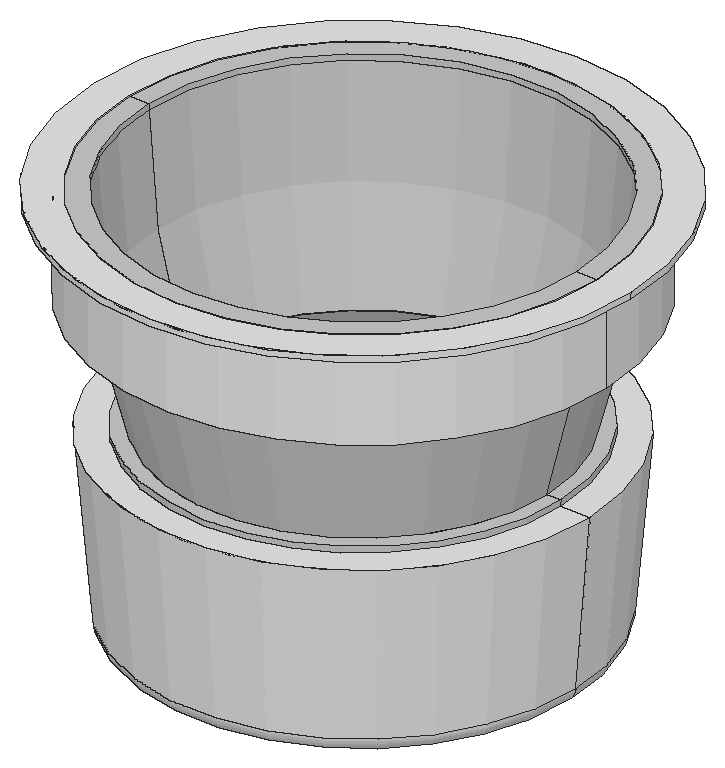
Revit family "2059355 Lighting Fixture_Sylvania_Ascent 150 II Round_Ceiling Recessed", category Lighting Fixtures, host Face, Revit 2017
Family settings
  Host = Face
  Round Connector Dimension = Use Diameter
  Part Type = Normal
  OmniClass Number = 23.80.70.11.17
  OmniClass Title = Specialized Lighting by Location or Use
  Cut with Voids When Loaded = No
  Light Source = Yes
  Shared = No
  Room Calculation Point = No
Parameters (values of type "ASCENT 150 II 1700 4k DALI EM")
  Upper Body Radius = Radius - 14.5 mm  # 80.0 mm
  Upper Body Material = Metal_Sylvania_Ascent 150 II_Black
  Ring Outer Diameter = Diameter - 17.0 mm  # 172.0 mm
  Ring Inner Diameter = Ring Outer Diameter - 4.0 mm  # 168.0 mm
  Reflector Material = Metal_Sylvania_Ascent 150 II_Polished
  Recessed Depth = 142.0 mm
  Radius = Diameter / 2  # 94.5 mm
  Light Emit  Diameter = Diameter - 38.0 mm  # 151.0 mm
  LOR = "100%"  # constant formula
  Inrush Current (max. quantity per 16A C breaker) = "80"  # constant formula
  Inner Reflector Radius = Inner Radius - 19.5 mm  # 63.0 mm
  Inner Radius = Inner Diameter / 2  # 82.5 mm
  Inner Diameter = Diameter - 24.0 mm  # 165.0 mm
  IP Rating = "IP44"  # constant formula
  IK Rating = "IK02"  # constant formula
  Glow Wire Test = 650 °C  # constant formula
  Energy Class = "A++,A+,A"  # constant formula
  Weight = 2.45 kg
  Wattage = 3.42276 W
  built-in parameter 1150110 = 1 (stored number, unit not read)
  Voltage Comments = "UNV (Universal Voltage; 220-240 Volt)"  # constant formula
  Voltage = 230 V  # constant formula
  URL = "https://www.sylvania-lighting.com"
  built-in parameter 1114217 = 1 (stored number, unit not read)
  Tilt Angle = -90°
  built-in parameter 1150109 = 1 (stored number, unit not read)
  built-in parameter 1150134 = 12
  built-in parameter 1150113 = 1 (stored number, unit not read)
  Product Page URL = "https://www.sylvania-lighting.com/product/en-int/products/2059355"
  Product Family = "ASCENT 150 II ROUND"  # constant formula
  Photometry Comments = ""
  Photometric Web File = "2059355_ASCENT150II17004kDALIEM-206371.ies"
  Life = "50 000 h"  # constant formula
  Emit from Circle Diameter = Light Emit  Diameter  # 151.0 mm
  Emit Shape Visible in Rendering = no
  Emergency duration (h) = "N/A"
  Electrical Protection = "Class II"  # constant formula
  Drive Current = "500mA"  # constant formula
  Distribution type = "Direct"  # constant formula
  Diffuser Material = Glass_Sylvania_Ascent 150 II_Clear_4000K
  Diameter = 189.0 mm
  Cutout Diameter = Diameter - 13.0 mm  # 176.0 mm
  Colour consistency (SDCM) = "3 step"  # constant formula
  built-in parameter 1114216 [instance] = 1 (stored number, unit not read)
  Model = "ASCENT 150 II 1700 4k DALI EM"
  Manufacturer = "Feilo Sylvania"
  built-in parameter 1150105 = 256.83 (stored number, unit not read)
  Lumens = 421 lm
  built-in parameter 1150115 = 1 (stored number, unit not read)
  built-in parameter 1150137 = (empty or 0)
  built-in parameter 1150139 = (empty or 0)
  built-in parameter 1150112 = 1 (stored number, unit not read)
  built-in parameter 1150114 = 1 (stored number, unit not read)
  Lamp Comments = "Integrated LED"  # constant formula
  Lamp = "LED"  # constant formula
  built-in parameter 1150132 = 2
  built-in parameter 1150102 = (empty or 0)
  built-in parameter 1150107 = 4000 (stored number, unit not read)
  built-in parameter 1150138 = (empty or 0)
  built-in parameter 1150106 = 2.5683 (stored number, unit not read)
  built-in parameter 1150104 = 11.427 (stored number, unit not read)
  Dimming Lamp Color Temperature Shift = <None>
  Description = "A very high efficient round downlight up to 127lm/W Long life >50,000hrs 4,000K and 3,000K CCT and CRI Ra85 IP44 rated for wet areas and bathrooms UGR <19 version for offices to comply with EN12464-1 Wide selection of decorative accessories"  # constant formula
  Default Elevation = 0.0 mm
  Color Filter = 16777215
  Catalog Number = "2059355 ASCENT 150 II 1700 4k DALI EM"
  built-in parameter 1140040 [instance] = 1
  CRI (Ra) = ">80"  # constant formula
  built-in parameter 1114218 = 1 (stored number, unit not read)
  built-in parameter 1150133 = 10 (stored number, unit not read)
  Assembly Code = "D5020200"
  Apparent Load Comments = ""
  Apparent Load = 14 VA
  Accessory Material = Aluminum_Sylvania_Ascent 150 II_White
Reference planes
  plane 1 "Center (Front/Back)": y = 0
  plane 2: z = 0
  plane 3 "Center (Left/Right)": x = 0
  plane 4: z = 2
  plane 5: z = -74
  plane 6 "Fixture Top": z = -140
  plane 7: z = -31
  plane 8: z = -72
  plane 9: z = -62.037
Forms (mm)
  Extrusion 1, solid, material "Aluminum_Sylvania_Ascent 150 II_White" <- "Accessory Material", detail levels fine
    sketch origin (0, 0, 0) x (1, 0, 0) y (0, 1, 0)
      loop
        circle (0, 0) r 94.5
      loop
        circle (0, 0) r 82.5
    from 0 to 2
  Extrusion 2, void
    sketch origin (0, 0, 0) x (1, 0, 0) y (0, 1, 0)
      loop
        circle (0, 0) r 88
    from -140 to 2
  Revolve 3, solid, material "Metal_Sylvania_Ascent 150 II_Polished" <- "Reflector Material", detail levels fine
    sketch origin (0, 0, 0) x (1, 0, 0) y (0, 0, 1)
      loop
        line (-82.5, 0) -> (-77.5, 0)
        arc (-77.5, 0) -> (-74.352, -36.539) -> (-65, -72) r 213.61
        line (-65, -72) -> (-70, -72) -> (-70, -74) -> (0, -74) -> (0, -72) -> (-63, -72)
        arc (-63, -72) -> (-72.352, -36.539) -> (-75.5, 0) r 213.61
        line (-75.5, 0) -> (-75.5, 2) -> (-82.5, 2) -> (-82.5, 0)
      axis (0, 2) -> (0, -74)
    angle from 0 to 360
  Extrusion 4, solid, material "Aluminum_Sylvania_Ascent 150 II_White" <- "Accessory Material", detail levels fine
    sketch origin (0, 0, 0) x (1, 0, 0) y (0, 1, 0)
      loop
        circle (0, 0) r 86
      loop
        circle (0, 0) r 84
    from -31 to 0
  Revolve 5, solid, material "Glass_Sylvania_Ascent 150 II_Clear_4000K" <- "Diffuser Material", detail levels fine
    sketch origin (0, 0, 0) x (1, 0, 0) y (0, 0, 1)
      loop
        line (-63, -72) -> (0, -72) -> (0, -62.037)
        arc (0, -62.037) -> (-31.891, -64.543) -> (-63, -72) r 204.163
      axis (0, -62.037) -> (0, -72)
    angle from 0 to 360
  Revolve 6, solid, material "Metal_Sylvania_Ascent 150 II_Black" <- "Upper Body Material", detail levels fine
    sketch origin (0, 0, 0) x (1, 0, 0) y (0, 0, 1)
      loop
        line (0, -74) -> (-80, -74) -> (-75.107, -129.929)
        arc (-75.107, -129.929) -> (-73.452, -133.536) -> (-69.924, -135.353) r 6.079
        arc (-69.924, -135.353) -> (-35.039, -138.837) -> (0, -140) r 528.435
        line (0, -140) -> (0, -74)
      axis (0, -74) -> (0, -140)
    angle from 0 to 360
  Revolve 7, solid, material "Aluminum_Sylvania_Ascent 150 II_White" <- "Accessory Material", detail levels coarse+medium
    sketch origin (0, 0, 0) x (1, 0, 0) y (0, 0, 1)
      loop
        arc (-69.924, -135.353) -> (-35.039, -138.837) -> (0, -140) r 528.435
        line (0, -140) -> (0, 2) -> (-94.5, 2) -> (-94.5, 0) -> (-86, 0) -> (-86, -31)
        arc (-86, -31) -> (-84.493, -52.708) -> (-80, -74) r 157.083
        line (-80, -74) -> (-75.107, -129.929)
        arc (-75.107, -129.929) -> (-73.452, -133.536) -> (-69.924, -135.353) r 6.079
      axis (0, 2) -> (0, -140)
    angle from 0 to 360
Cuts and joins
  joined: Extrusion 1, Extrusion 4
Lines and regions (mm)
  Masking region 1
    outline origin (0, 0, 0) x (1, 0, 0) y (0, 1, 0)
      loop
        circle (0, 0) r 94.5
  symbolic lines, detail levels fine
    curve 1: arc (-75.5, 0, 0) -> (0, 75.5, 0) -> (75.5, 0, 0) r 75.5
    curve 2: arc (75.5, 0, 0) -> (0, -75.5, 0) -> (-75.5, 0, 0) r 75.5
Dimensions and locks
  plane 4 to plane 2 to plane 7 to plane 9 to plane 8 to plane 5 = 2.0 mm locked, 31.0 mm locked, 31.037 mm locked, 9.963 mm locked, 2.0 mm locked
  "Inner Radius": plane 3 "Center (Left/Right)" to Revolve 3 sketch curve
  locked: Revolve 3 sketch curve to Revolve 3 sketch curve at 7
  Revolve 3 sketch curve to Revolve 3 sketch curve to Revolve 3 sketch curve to Revolve 3 sketch curve = 2.0 mm locked, 5.0 mm locked, 12.5 mm locked
  "Inner Reflector Radius": Revolve 5 sketch curve to imposter light
  Revolve 6 sketch curve to Revolve 6 sketch curve to plane 6 "Fixture Top" = 5.424 mm locked, 4.647 mm locked
  "Recessed Depth": plane 4 to plane 6 "Fixture Top"
  "Upper Body Radius": plane 3 "Center (Left/Right)" to Revolve 6 sketch curve
  Revolve 6 sketch curve to Revolve 6 sketch curve to Revolve 6 sketch curve = 4.893 mm locked, 5.183 mm locked
  Revolve 7 sketch curve to Revolve 7 sketch curve to plane 6 "Fixture Top" = 5.424 mm locked, 4.647 mm locked
  Revolve 7 sketch curve to Revolve 7 sketch curve to Revolve 7 sketch curve to Revolve 7 sketch curve to Revolve 7 sketch curve = 8.5 mm locked, 6.0 mm locked, 4.893 mm locked, 5.183 mm locked
  "Radius": plane 3 "Center (Left/Right)" to Revolve 7 sketch curve
  "Diameter": diameter of Extrusion 1 sketch curve
  "Inner Diameter": diameter of Extrusion 1 sketch curve
  "Cutout Diameter": diameter of Extrusion 2 sketch curve
  "Ring Outer Diameter": diameter of Extrusion 4 sketch curve
  "Ring Inner Diameter": diameter of Extrusion 4 sketch curve
  aligned and locked: plane 2 to host face
  aligned and locked: level to host face
  aligned and locked: imposter light to plane 3 "Center (Left/Right)"
  aligned and locked: imposter light to plane 1 "Center (Front/Back)"
  aligned and locked: Extrusion 1 to plane 2
  aligned and locked: plane 4 to Extrusion 1
  aligned and locked: imposter light to plane 4
  aligned and locked: imposter light to Revolve 3 sketch curve
  aligned and locked: Revolve 3 sketch curve to imposter light
  aligned and locked: Revolve 3 sketch curve to plane 2
  aligned and locked: Revolve 3 sketch curve to Revolve 3 sketch curve
  aligned and locked: plane 5 to Revolve 3 sketch curve
  aligned and locked: Extrusion 4 to plane 7
  aligned and locked: Revolve 3 sketch curve to plane 8
  aligned and locked: Revolve 5 sketch curve to plane 8
  aligned and locked: imposter light to Revolve 5 sketch curve  (x2)
  aligned and locked: imposter light to Revolve 6 sketch curve  (x2)
  aligned and locked: plane 5 to Revolve 6 sketch curve
  aligned and locked: plane 6 "Fixture Top" to Revolve 6 sketch curve
  aligned and locked: Revolve 7 sketch curve to plane 2
  aligned and locked: plane 4 to Revolve 7 sketch curve
  aligned and locked: plane 7 to Revolve 7 sketch curve
  aligned and locked: imposter light to Extrusion 2
  aligned and locked: Extrusion 2 to plane 6 "Fixture Top"
  aligned and locked: Masking region 1 sketch curve to Revolve 7  (x2)
  aligned and locked: curve 1 to Revolve 3
  aligned and locked: curve 2 to Revolve 3
Automatic sketch dimensions
  host sketch curve to host sketch curve = 1040.406 mm
  host sketch curve to host sketch curve = 988.385 mm
  Extrusion 1 sketch curve to Extrusion 1 sketch curve = 0.0 mm  (x2)
  plane 1 "Center (Front/Back)" to Extrusion 1 sketch curve = 0.0 mm
  Extrusion 1 sketch curve to plane 3 "Center (Left/Right)" = 0.0 mm
  plane 1 "Center (Front/Back)" to Extrusion 2 sketch curve = 0.0 mm
  Extrusion 2 sketch curve to plane 3 "Center (Left/Right)" = 0.0 mm
  Revolve 3 sketch curve to plane 3 "Center (Left/Right)" = 0.0 mm
  Revolve 3 sketch curve to level = 0.0 mm
  Revolve 3 sketch curve to Revolve 3 sketch curve = 2.0 mm
  Revolve 3 sketch curve to plane 5 = 27.065 mm
  plane 4 to Revolve 3 sketch curve = 16.525 mm
  Extrusion 4 sketch curve to Extrusion 4 sketch curve = 0.0 mm  (x2)
  plane 1 "Center (Front/Back)" to Extrusion 4 sketch curve = 0.0 mm
  Extrusion 4 sketch curve to plane 3 "Center (Left/Right)" = 0.0 mm
  Revolve 5 sketch curve to plane 9 = 0.0 mm
  Revolve 5 sketch curve to plane 5 = 17.158 mm
  Revolve 5 sketch curve to plane 7 = 15.158 mm
  Revolve 6 sketch curve to plane 7 = 0.0 mm
  Revolve 6 sketch curve to Revolve 6 sketch curve = 6.05 mm
  Revolve 6 sketch curve to plane 6 "Fixture Top" = 26.0 mm
  Revolve 7 sketch curve to plane 3 "Center (Left/Right)" = 0.0 mm  (x2)
  Revolve 7 sketch curve to plane 6 "Fixture Top" = 0.0 mm
  Revolve 7 sketch curve to plane 5 = 0.0 mm
  Revolve 7 sketch curve to plane 7 = 0.0 mm
  Revolve 7 sketch curve to Revolve 7 sketch curve = 0.866 mm
  Revolve 7 sketch curve to Revolve 7 sketch curve = 26.0 mm
Connectors
  electrical at (0, 0, -140), driven by "Apparent Load", driven by "Voltage"
    settings: index 1, voltage 230 V, apparent load 0 VA, apparent load phase1 14 VA, apparent load phase2 0 VA, apparent load phase3 0 VA, power factor 1, load classification "Lighting", number of poles 1, system type 31, power factor state 1, is connector primary yes, connector utility no, sub classification motor no, connector description ""
